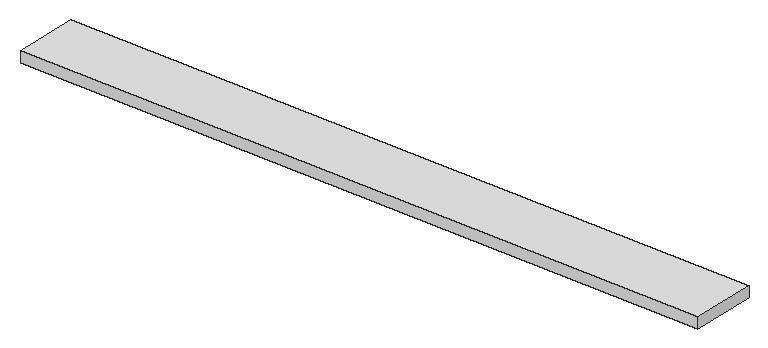
Revit family "11-TRIMBOARD-AND-STEALTH-TRIM-CADS-86-1x5-trim-4-REVIT_Versatex-Generic-Model-1in-x-5in-TRIMBOARD", category Generic Models, host Face, Revit 2026
Family settings
  Host = Face
  Can host rebar = No
  Round Connector Dimension = Use Diameter
  Part Type = Normal
  Cut with Voids When Loaded = No
  Maintain Annotation Orientation = No
  Shared = No
  Room Calculation Point = No
Parameters
  Model = "TBSM/TR010518"
  Length = 4' - 0"
  Warranty = "https://versatex.com/warranty/"
  URL = "https://versatex.com/"
  Specification = "https://www.arcat.com/company/versatex-45716/spec?coid=45716"
  Sales Information = "https://versatex.com/dealer-locator/"
  Message Manufacturer = "https://versatex.com/contact/"
  Material = Versatex PVC - Smooth
  Manufacturer Website = "https://versatex.com/"
  Manufacturer Phone = "724-857-1111"
  Manufacturer Fax = "724-857-1171"
  Manufacturer Address = "400 Steel Street, Aliquippa, PA 15001"
  Manufacturer = "Versatex"
  Literature = "https://versatex.com/literature/?_sft_literature_category=cads"
  Description = "NOMINAL 1” x 5” TRIMBOARD"
  Default Elevation = 4' - 0"
  Copyright = "© 2024 VERSATEX Building Products, LLC"
Reference planes (in)
  plane 1 "Center (Front/Back)": y = 0
  plane 2: z = 0
  plane 3 "Center (Left/Right)": x = 0
  plane 4: x = 24
  plane 5: x = -24
Forms (in)
  Sweep 1, solid, material "Versatex PVC - Smooth" <- "Material"
    path origin (0, 0, 0) x (1, 0, 0) y (0, 1, 0)
      loop
        line (-24, 0) -> (24, 0)
    profile "Versatex_Profile_1” x 5” TRIMBOARD : Versatex_Profile_1” x 5” TRIMBOARD" origin (0, 0, 0) x (0, 1, 0) y (0, 0, 1)
      loop
        line (0, 0) -> (4.5, 0) -> (4.5, 0.75) -> (0, 0.75) -> (0, 0)
Dimensions and locks (in)
  "Length": plane 5 to plane 4
  equal spacing: plane 5, plane 3 "Center (Left/Right)", plane 4, locked at 24 each
  aligned and locked: plane 2 to host face
  aligned and locked: level to host face
Automatic sketch dimensions
  host sketch curve to host sketch curve = 8' - 0"  (x2)
  plane 1 "Center (Front/Back)" to Sweep 1 sketch curve = 0' - 0"
  Sweep 1 sketch curve to plane 5 = 0' - 0"
  Sweep 1 sketch curve to plane 4 = 0' - 0"
